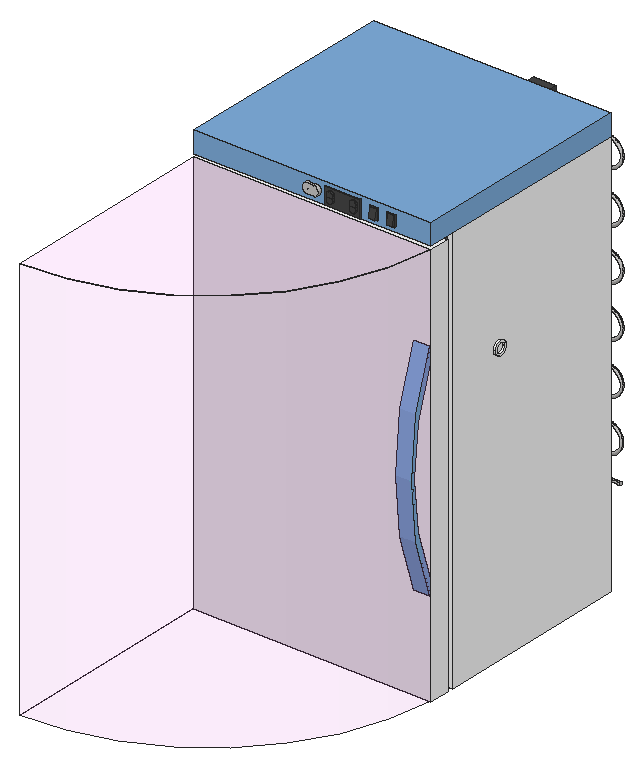
Revit family "QF_Summit_ARS3PV_Pharma_Vac_All_Refrigerator", category Specialty Equipment, Revit 2020
Family settings
  Round Connector Dimension = Use Diameter
  Part Type = Normal
  Work Plane-Based = No
  Always vertical = Yes
  Cut with Voids When Loaded = No
  Shared = No
  Room Calculation Point = No
Parameters
  Weight in Pounds = 85
  Watts = if(Phase = 3, Volts * FL Amps * 1.73, Volts * FL Amps)  # 69 W
  Volts = 115 V
  Ventilation Remarks = ""
  URL Cutsheet = ""
  Specification by User = ""
  Specification by Manufacturer = ""
  Show RHD [instance] = yes
  Show LHD [instance] = not(Show RHD)  # no
  Show Clearance [instance] = yes
  Serial Number = ""
  Seismic Rating = ""
  SMACNA No = ""
  Revision Code = ""
  Refrigerant Volume = 0.00 kip
  Refrigerant Type = "R600a"
  Phase = 1
  Number of Poles = 1
  NAFEM Spec ID Number = ""
  Model = "ARS3PV"
  Min Ckt Ampacity = 0 A
  Max Overcurrent Protection = 0 A
  Masterspec = ""
  Manufacturer = "Summit"
  Length = 18 1/2"
  Item Number = ""
  Installed By = ""
  Identify Quantity as Lot = yes
  Height = 34"
  HP = ""
  Furnished By = ""
  Foodservice Equipment Identifier = yes
  FL Amps = 0.6 A
  Electrical Remarks = ""
  Electric Connection Type = ""
  Elec Conn RI Height = 0"
  Elec Conn Connection Height = 0"
  Description = "Pharma-Vac All-Refrigerator"
  Depth = 19"
  Default Elevation = 0"
  Cycle = 60 Hz
  Conn Plug = ""
  Conn Conduit = yes
  CSI MasterFormat = ""
  Base Height [instance] = 1/2"
  BTUH = 0.0 Btu/h
  Apparent Power = if(Phase = 3, Volts * FL Amps * 1.73, Volts * FL Amps)  # 69 VA
Reference planes (in)
  plane 1 "BACK": y = 0
  plane 2: z = 0
  plane 3 "LEFT": x = 0
  plane 4 "RIGHT": x = 18.5
  plane 5 "FRONT": y = -19
  plane 6 "TOP": z = 34
  plane 7 "Center Y": x = 9.25
  plane 8 "Center X": y = -9.5
  plane 9 "Base Height": z = 0.5
  plane 10: y = -36
  plane 11: z = 32.125
  plane 12: y = -1.5
  plane 13: y = -16.875
  plane 14: y = -20.75
  plane 15: z = 30.99931
  plane 16: z = 18.99931
  plane 17: z = 6.99931
Forms (in)
  Extrusion 1, solid, material "QF_Plastic_White_Smooth"
    sketch origin (0, 0, 0.5) x (-1, 0, 0) y (0, -1, 0)
      loop
        line (0, 1.5) -> (0, 16.875) -> (-18.5, 16.875) -> (-18.5, 1.5) -> (0, 1.5)
    from 0 to 31.875
  Extrusion 2, solid, material "QF_Plastic_Light_Blue_Smooth"
    sketch origin (0, 0, 32.375) x (-1, 0, 0) y (0, -1, 0)
      loop
        line (0, 1.5) -> (0, 19) -> (-18.5, 19) -> (-18.5, 1.5) -> (0, 1.5)
    from 0 to 1.625
  Extrusion 3, solid, material "QF_Rubber - Black - Smooth"
    sketch origin (18.5, -16.875, 0.5) x (-1, 0, 0) y (0, 0, -1)
      loop
        line (0.5, -31.375) -> (18, -31.375) -> (18, -0.5) -> (0.5, -0.5) -> (0.5, -31.375)
    from 0 to 0.5
  Extrusion 4, solid, material "QF_Plastic_White_Smooth"
    sketch origin (18.5, -17.375, 0.5) x (-1, 0, 0) y (0, 0, -1)
      loop
        line (0, -31.625) -> (18.5, -31.625) -> (18.5, 0) -> (0, 0) -> (0, -31.625)
    from 0 to 1.625
  Extrusion 5, solid, material "QF_Rubber - Black - Smooth"
    sketch origin (0, -1.5, 0.5) x (1, 0, 0) y (0, 0, -1)
      loop
        circle (15.97103, -0.45918) r 0.25
    from 0 to 0.0625
  Revolve 6, solid, material "QF_Rubber - Black - Smooth"
    sketch origin (0, -3, 0) x (1, 0, 0) y (0, 0, 1)
      loop
        line (17, 0.5) -> (16.71875, 0.5) -> (16.71875, 0.375) -> (16.25, 0.375) -> (16.25, 0) -> (17, 0) -> (17, 0.5)
      axis (17, 0) -> (17, 0.5)
    angle from 0 to 360
  Revolve 7, solid, material "QF_Rubber - Black - Smooth"
    sketch origin (-14.5, -3, 0) x (1, 0, 0) y (0, 0, 1)
      loop
        line (16, 0.5) -> (15.71875, 0.5) -> (15.71875, 0.375) -> (15.25, 0.375) -> (15.25, 0) -> (16, 0) -> (16, 0.5)
      axis (16, 0) -> (16, 0.5)
    angle from 0 to 360
  Revolve 8, solid, material "QF_Rubber - Black - Smooth"
    sketch origin (0, -15.375, 0) x (1, 0, 0) y (0, 0, 1)
      loop
        line (17, 0.5) -> (16.71875, 0.5) -> (16.71875, 0.375) -> (16.25, 0.375) -> (16.25, 0) -> (17, 0) -> (17, 0.5)
      axis (17, 0) -> (17, 0.5)
    angle from 0 to 360
  Revolve 9, solid, material "QF_Rubber - Black - Smooth"
    sketch origin (-14.5, -15.375, 0) x (1, 0, 0) y (0, 0, 1)
      loop
        line (16, 0.5) -> (15.71875, 0.5) -> (15.71875, 0.375) -> (15.25, 0.375) -> (15.25, 0) -> (16, 0) -> (16, 0.5)
      axis (16, 0) -> (16, 0.5)
    angle from 0 to 360
  Extrusion 10, solid, material "QF_Metal_Black"
    sketch origin (18.5, -19, 32.375) x (-1, 0, 0) y (0, 0, -1)
      loop
        line (8.25, -1.375) -> (8.25, 0) -> (5.5, 0) -> (5.5, -1.375) -> (8.25, -1.375)
      loop
        line (4.75, -1.25) -> (4.75, -0.375) -> (4.125, -0.375) -> (4.125, -1.25) -> (4.75, -1.25)
      loop
        line (3.375, -0.375) -> (2.75, -0.375) -> (2.75, -1.25) -> (3.375, -1.25) -> (3.375, -0.375)
    from 0 to 0.0625
  Extrusion 11, solid, material "QF_Metal_Black"
    sketch origin (18.5, -19.0625, 32.375) x (-1, 0, 0) y (0, 0, -1)
      loop
        line (7.52932, -0.75134) -> (7.52932, -0.92236)
        arc (7.52932, -0.92236) -> (7.77932, -1.17236) -> (8.02932, -0.92236) r 0.25
        line (8.02932, -0.92236) -> (8.02932, -0.75134) -> (7.52932, -0.75134)
      loop
        line (6.22068, -0.75134) -> (5.72068, -0.75134) -> (5.72068, -0.92236)
        arc (5.72068, -0.92236) -> (5.97068, -1.17236) -> (6.22068, -0.92236) r 0.25
        line (6.22068, -0.92236) -> (6.22068, -0.75134)
    from 0 to 0.125
  Extrusion 12, solid, material "QF_Metal_Black"
    sketch origin (18.5, -19.0625, 32.375) x (-1, 0, 0) y (0, 0, -1)
      loop
        line (8.02932, -0.72188) -> (8.02932, -0.55086)
        arc (8.02932, -0.55086) -> (7.77932, -0.30086) -> (7.52932, -0.55086) r 0.25
        line (7.52932, -0.55086) -> (7.52932, -0.72188) -> (8.02932, -0.72188)
      loop
        line (6.22068, -0.72188) -> (6.22068, -0.55086)
        arc (6.22068, -0.55086) -> (5.97068, -0.30086) -> (5.72068, -0.55086) r 0.25
        line (5.72068, -0.55086) -> (5.72068, -0.72188) -> (6.22068, -0.72188)
    from 0 to 0.125
  Extrusion 13, solid, material "QF_Metal_Black"
    sketch origin (14.375, -19, 33.625) x (0, 0, -1) y (0, 1, 0)
      loop
        line (0.0625, -0.0625) -> (0.0625, -0.09634) -> (0.8125, -0.21513) -> (0.8125, -0.0625) -> (0.0625, -0.0625)
    from -0.5625 to -0.0625
  Extrusion 14, solid, material "QF_Metal_Black"
    sketch origin (15.75, -19, 33.625) x (0, 0, -1) y (0, 1, 0)
      loop
        line (0.0625, -0.09634) -> (0.8125, -0.21513) -> (0.8125, -0.0625) -> (0.0625, -0.0625) -> (0.0625, -0.09634)
    from -0.5625 to -0.0625
  Extrusion 15, solid, material "QF_Metal - Stainless - Polished"
    sketch origin (18.5, -19, 32.375) x (-1, 0, 0) y (0, 0, -1)
      loop
        arc (8.96647, -0.46354) -> (8.59147, -0.83854) -> (8.96647, -1.21354) r 0.375
        line (8.96647, -1.21354) -> (9.46647, -1.21354)
        arc (9.46647, -1.21354) -> (9.84147, -0.83854) -> (9.46647, -0.46354) r 0.375
        line (9.46647, -0.46354) -> (8.96647, -0.46354)
      loop
        line (9.4034, -0.85322) -> (9.4034, -0.81436) -> (9.03054, -0.81436) -> (9.03054, -0.85322) -> (9.4034, -0.85322)
    from 0 to 0.25
  Extrusion 16, solid, material "QF_Plastic_Light_Blue_Smooth", visible <- "Show LHD"
    sketch origin (0, -16.75, 32.375) x (0, 0, -1) y (0, -1, 0)
      loop
        line (7, 2.25) -> (8.25, 2.25)
        arc (8.25, 2.25) -> (15.75, 3.73618) -> (23.25, 2.25) r 19.66746
        line (23.25, 2.25) -> (24.5, 2.25)
        arc (24.5, 2.25) -> (15.75, 4.00003) -> (7, 2.25) r 22.74968
    from -0.125 to -1.375
  Extrusion 17, solid, material "QF_Metal_Stainless_Polished"
    sketch origin (-1.2283, -1.5, 0.25) x (1, 0, 0) y (0, 0, -1)
      loop
        circle (17.91073, -30.74931) r 0.25
      loop
        circle (3.11294, -30.74931) r 0.25
      loop
        circle (17.91073, -18.74931) r 0.25
      loop
        circle (3.11294, -18.74931) r 0.25
      loop
        circle (17.91073, -6.74931) r 0.25
      loop
        circle (3.11294, -6.74931) r 0.25
    from 0 to 1.50374
  Sweep 18, solid, material "QF_Metal_Stainless_Polished"
    path origin (-0.125, 0, 0) x (1, 0, 0) y (0, 0, 1)
      loop
        line (0.32085, 31.26475) -> (17.32085, 31.26475)
        arc (17.32085, 31.26475) -> (18.32085, 30.26475) -> (17.32085, 29.26475) r 1
        line (17.32085, 29.26475) -> (1.3368, 29.26475)
        arc (1.3368, 29.26475) -> (0.3368, 28.26475) -> (1.3368, 27.26475) r 1
        line (1.3368, 27.26475) -> (17.32048, 27.26475)
        arc (17.32048, 27.26475) -> (18.32048, 26.26475) -> (17.32048, 25.26475) r 1
        line (17.32048, 25.26475) -> (1.33704, 25.26475)
        arc (1.33704, 25.26475) -> (0.33704, 24.26475) -> (1.33704, 23.26475) r 1
        line (1.33704, 23.26475) -> (17.32129, 23.26475)
        arc (17.32129, 23.26475) -> (18.32129, 22.26475) -> (17.32129, 21.26475) r 1
        line (17.32129, 21.26475) -> (1.33589, 21.26475)
        arc (1.33589, 21.26475) -> (0.33589, 20.26475) -> (1.33589, 19.26475) r 1
        line (1.33589, 19.26475) -> (17.3102, 19.26475)
        arc (17.3102, 19.26475) -> (18.3102, 18.26475) -> (17.3102, 17.26475) r 1
        line (17.3102, 17.26475) -> (1.33204, 17.26475)
        arc (1.33204, 17.26475) -> (0.33204, 16.26475) -> (1.33204, 15.26475) r 1
        line (1.33204, 15.26475) -> (17.30417, 15.26475)
        arc (17.30417, 15.26475) -> (18.30417, 14.26475) -> (17.30417, 13.26475) r 1
        line (17.30417, 13.26475) -> (1.3323, 13.26475)
        arc (1.3323, 13.26475) -> (0.3323, 12.26475) -> (1.3323, 11.26475) r 1
        line (1.3323, 11.26475) -> (17.28684, 11.26475)
        arc (17.28684, 11.26475) -> (18.28684, 10.26475) -> (17.28684, 9.26475) r 1
        line (17.28684, 9.26475) -> (1.36686, 9.26475)
        arc (1.36686, 9.26475) -> (0.36686, 8.26475) -> (1.36686, 7.26475) r 1
        line (1.36686, 7.26475) -> (18.31994, 7.26475)
    profile origin (8.69585, 0, 31.26475) x (0, 0, 1) y (0, -1, 0)
      loop
        circle (0.09375, 0.09375) r 0.09375
  Extrusion 19, solid, material "QF_Plastic_White_Smooth"
    sketch origin (18.5, 0.30412, -7.19653) x (0, -1, 0) y (0, 0, -1)
      loop
        circle (12.80412, -29.69653) r 0.5
      loop
        circle (12.80412, -29.69653) r 0.40625
    from 0 to 0.25
  Extrusion 20, solid, material "QF_Metal_Black"
    sketch origin (0, -1.5, 32.375) x (1, 0, 0) y (0, 0, -1)
      loop
        line (13.46645, -1.375) -> (13.46645, -0.25) -> (11.71619, -0.25) -> (11.71619, -1.375) -> (13.46645, -1.375)
    from 0 to 0.96936
  Extrusion 21, solid, material "QF_Clearances_Door_Drawer", visible <- "Show LHD"
    sketch origin (0, 0, 0.5) x (-1, 0, 0) y (0, -1, 0)
      loop
        arc (0.00218, 19) -> (-5.92376, 31.11896) -> (-18.5, 35.99994) r 18.51464
        line (-18.5, 35.99994) -> (-18.5, 19) -> (0.00218, 19)
    from 0 to 31.625
  Extrusion 22, solid, material "QF_Plastic_Light_Blue_Smooth", visible <- "Show RHD"
    sketch origin (18.5, -16.75, 32.375) x (0, 0, -1) y (0, 1, 0)
      loop
        arc (7, -2.25) -> (15.75, -4.00003) -> (24.5, -2.25) r 22.74968
        line (24.5, -2.25) -> (23.25, -2.25)
        arc (23.25, -2.25) -> (15.75, -3.73618) -> (8.25, -2.25) r 19.66746
        line (8.25, -2.25) -> (7, -2.25)
    from -0.125 to -1.375
  Extrusion 23, solid, material "QF_Clearances_Door_Drawer", visible <- "Show RHD"
    sketch origin (18.5, 0, 0.5) x (1, 0, 0) y (0, 1, 0)
      loop
        line (0.00218, -19) -> (-18.5, -19) -> (-18.5, -35.99994)
        arc (-18.5, -35.99994) -> (-5.92376, -31.11896) -> (0.00218, -19) r 18.51464
    from 0 to 31.625
Lines and regions (in)
  Split face 1
    outline origin (17.87884, -19, 32.5166) x (-1, 0, 0) y (0, 0, -1)
      loop
        arc (17.02661, -0.72896) -> (17.00794, -0.73485) -> (16.99602, -0.75038) r 0.03255
        arc (16.99602, -0.75038) -> (16.97782, -0.77895) -> (16.94924, -0.79716) r 0.07828
        arc (16.94924, -0.79716) -> (16.91146, -0.80382) -> (16.87367, -0.79716) r 0.11047
        arc (16.87367, -0.79716) -> (16.83753, -0.74554) -> (16.87367, -0.69392) r 0.05493
        arc (16.87367, -0.69392) -> (16.92704, -0.67912) -> (16.98206, -0.67285) r 0.35291
        arc (16.98206, -0.67285) -> (17.04954, -0.65912) -> (17.10888, -0.62416) r 0.20863
        arc (17.10888, -0.62416) -> (17.13758, -0.53679) -> (17.10888, -0.44942) r 0.14738
        arc (17.10888, -0.44942) -> (17.06091, -0.41081) -> (17.00012, -0.40099) r 0.12037
        arc (17.00012, -0.40099) -> (16.9277, -0.40589) -> (16.86146, -0.43556) r 0.20635
        arc (16.86146, -0.43556) -> (16.84516, -0.4415) -> (16.82885, -0.43556) r 0.02536
        line (16.82885, -0.43556) -> (16.80233, -0.41331) -> (16.73922, -0.41331)
        arc (16.73922, -0.41331) -> (16.71948, -0.41599) -> (16.70473, -0.42939) r 0.03358
        line (16.70473, -0.42939) -> (16.7141, -0.496) -> (16.7141, -0.7709)
        arc (16.7141, -0.7709) -> (16.74026, -0.82899) -> (16.79414, -0.86298) r 0.11051
        arc (16.79414, -0.86298) -> (16.856, -0.87585) -> (16.91902, -0.88053) r 0.48335
        arc (16.91902, -0.88053) -> (16.96815, -0.87688) -> (17.01601, -0.86517) r 0.29737
        arc (17.01601, -0.86517) -> (17.05923, -0.84385) -> (17.09519, -0.81177) r 0.17873
        line (17.09519, -0.81177) -> (17.12001, -0.75602)
        arc (17.12001, -0.75602) -> (17.11848, -0.73759) -> (17.10213, -0.72896) r 0.01924
        line (17.10213, -0.72896) -> (17.02661, -0.72896)
  Split face 2
    outline origin (18.34773, -19, 32.25847) x (-1, 0, 0) y (0, 0, -1)
      loop
        arc (17.34236, -0.87416) -> (17.40571, -0.86077) -> (17.46654, -0.83856) r 0.45683
        arc (17.46654, -0.83856) -> (17.48186, -0.79626) -> (17.46654, -0.75396) r 0.06604
        arc (17.46654, -0.75396) -> (17.40416, -0.73587) -> (17.34178, -0.75396) r 0.11662
        arc (17.34178, -0.75396) -> (17.31029, -0.7904) -> (17.30428, -0.83817) r 0.08315
        arc (17.30428, -0.83817) -> (17.31481, -0.86358) -> (17.34021, -0.8741) r 0.03593
  Split face 3
    outline origin (17.84463, -19, 32.51068) x (-1, 0, 0) y (0, 0, -1)
      loop
        arc (16.15957, -0.71137) -> (16.152, -0.72738) -> (16.15263, -0.74508) r 0.03748
        arc (16.15263, -0.74508) -> (16.18205, -0.8045) -> (16.23106, -0.84917) r 0.17938
        arc (16.23106, -0.84917) -> (16.50096, -0.83431) -> (16.58067, -0.57603) r 0.23652
        arc (16.58067, -0.57603) -> (16.54728, -0.49133) -> (16.47702, -0.43343) r 0.18179
        arc (16.47702, -0.43343) -> (16.4007, -0.40499) -> (16.31925, -0.40562) r 0.22467
        arc (16.31925, -0.40562) -> (16.24928, -0.42338) -> (16.19378, -0.46955) r 0.16353
        arc (16.19378, -0.46955) -> (16.1667, -0.51165) -> (16.14694, -0.55764) r 0.30233
        arc (16.14694, -0.55764) -> (16.14694, -0.57738) -> (16.16404, -0.58726) r 0.01975
        line (16.16404, -0.58726) -> (16.23289, -0.58726)
        arc (16.23289, -0.58726) -> (16.25944, -0.57626) -> (16.27043, -0.54971) r 0.03754
        arc (16.27043, -0.54971) -> (16.35638, -0.49974) -> (16.44234, -0.54971) r 0.09891
        arc (16.44234, -0.54971) -> (16.4671, -0.63424) -> (16.45131, -0.72089) r 0.19105
        arc (16.45131, -0.72089) -> (16.41787, -0.76396) -> (16.36799, -0.78599) r 0.11135
        arc (16.36799, -0.78599) -> (16.31339, -0.77815) -> (16.2736, -0.73995) r 0.09008
        arc (16.2736, -0.73995) -> (16.26523, -0.71974) -> (16.24502, -0.71137) r 0.02858
        line (16.24502, -0.71137) -> (16.15957, -0.71137)
  Split face 4
    outline origin (18.35296, -19, 32.51423) x (-1, 0, 0) y (0, 0, -1)
      loop
        arc (16.04701, -0.86804) -> (16.06624, -0.85813) -> (16.06932, -0.83671) r 0.02361
        line (16.06932, -0.83671) -> (16.06932, -0.61216)
        arc (16.06932, -0.61216) -> (16.06487, -0.52087) -> (16.02308, -0.4396) r 0.216
        arc (16.02308, -0.4396) -> (15.90905, -0.3991) -> (15.79501, -0.4396) r 0.18078
        arc (15.79501, -0.4396) -> (15.77773, -0.45072) -> (15.76304, -0.43635) r 0.01649
        arc (15.76304, -0.43635) -> (15.75435, -0.41989) -> (15.73695, -0.41331) r 0.02629
        line (15.73695, -0.41331) -> (15.67488, -0.41331)
        arc (15.67488, -0.41331) -> (15.65271, -0.42249) -> (15.64353, -0.44466) r 0.03135
        line (15.64353, -0.44466) -> (15.64353, -0.83097)
        arc (15.64353, -0.83097) -> (15.64686, -0.85626) -> (15.66949, -0.86804) r 0.02762
        line (15.66949, -0.86804) -> (15.73776, -0.86804)
        arc (15.73776, -0.86804) -> (15.75953, -0.85903) -> (15.76854, -0.83726) r 0.03079
        line (15.76854, -0.83726) -> (15.76854, -0.58664)
        arc (15.76854, -0.58664) -> (15.85707, -0.49811) -> (15.9456, -0.58664) r 0.08853
        line (15.9456, -0.58664) -> (15.9456, -0.84144)
        arc (15.9456, -0.84144) -> (15.9534, -0.86025) -> (15.97221, -0.86804) r 0.0266
        line (15.97221, -0.86804) -> (16.04701, -0.86804)
  Split face 5
    outline origin (18.35007, -19, 32.51712) x (-1, 0, 0) y (0, 0, -1)
      loop
        arc (15.12884, -0.71137) -> (15.12126, -0.72738) -> (15.12189, -0.74508) r 0.03748
        arc (15.12189, -0.74508) -> (15.15132, -0.8045) -> (15.20032, -0.84917) r 0.17938
        arc (15.20032, -0.84917) -> (15.47022, -0.83431) -> (15.54993, -0.57603) r 0.23652
        arc (15.54993, -0.57603) -> (15.51655, -0.49133) -> (15.44628, -0.43343) r 0.18179
        arc (15.44628, -0.43343) -> (15.36996, -0.40499) -> (15.28851, -0.40562) r 0.22467
        arc (15.28851, -0.40562) -> (15.21855, -0.42338) -> (15.16305, -0.46955) r 0.16353
        arc (15.16305, -0.46955) -> (15.13597, -0.51165) -> (15.11621, -0.55764) r 0.30233
        arc (15.11621, -0.55764) -> (15.11621, -0.57738) -> (15.13331, -0.58726) r 0.01975
        line (15.13331, -0.58726) -> (15.20215, -0.58726)
        arc (15.20215, -0.58726) -> (15.2287, -0.57626) -> (15.2397, -0.54971) r 0.03754
        arc (15.2397, -0.54971) -> (15.32565, -0.49974) -> (15.4116, -0.54971) r 0.09891
        arc (15.4116, -0.54971) -> (15.43636, -0.63424) -> (15.42057, -0.72089) r 0.19105
        arc (15.42057, -0.72089) -> (15.38713, -0.76396) -> (15.33726, -0.78599) r 0.11135
        arc (15.33726, -0.78599) -> (15.28266, -0.77815) -> (15.24287, -0.73995) r 0.09008
        arc (15.24287, -0.73995) -> (15.2345, -0.71974) -> (15.21429, -0.71137) r 0.02858
        line (15.21429, -0.71137) -> (15.12884, -0.71137)
  Split face 6
    outline origin (18.35199, -19, 32.25824) x (-1, 0, 0) y (0, 0, -1)
      loop
        circle (14.82695, -0.89848) r 0.26828
  Split face 7
    outline origin (17.88494, -19, 32.26763) x (-1, 0, 0) y (0, 0, -1)
      loop
        arc (14.03804, -1.29185) -> (14.06109, -1.2823) -> (14.07064, -1.25925) r 0.0326
        line (14.07064, -1.25925) -> (14.07064, -0.70273)
        arc (14.07064, -0.70273) -> (14.07064, -0.67645) -> (14.04788, -0.66331) r 0.02628
        line (14.04788, -0.66331) -> (13.97739, -0.66331)
        arc (13.97739, -0.66331) -> (13.95772, -0.67145) -> (13.94958, -0.69111) r 0.02781
        line (13.94958, -0.69111) -> (13.94958, -1.2599)
        arc (13.94958, -1.2599) -> (13.95894, -1.28249) -> (13.98153, -1.29185) r 0.03195
        line (13.98153, -1.29185) -> (14.03804, -1.29185)
  Split face 8
    outline origin (18.3538, -19, 32.51435) x (-1, 0, 0) y (0, 0, -1)
      loop
        arc (13.98937, -1.04185) -> (14.0067, -1.03247) -> (14.01361, -1.01402) r 0.0281
        line (14.01361, -1.01402) -> (14.01361, -0.8483)
        arc (14.01361, -0.8483) -> (14.02305, -0.83449) -> (14.03935, -0.83826) r 0.01483
        arc (14.03935, -0.83826) -> (14.14479, -0.88843) -> (14.25557, -0.85155) r 0.15633
        arc (14.25557, -0.85155) -> (14.35238, -0.64232) -> (14.25557, -0.43309) r 0.2745
        arc (14.25557, -0.43309) -> (14.15017, -0.4002) -> (14.04477, -0.43309) r 0.1853
        arc (14.04477, -0.43309) -> (14.0285, -0.44514) -> (14.00908, -0.43939) r 0.02268
        arc (14.00908, -0.43939) -> (14.00422, -0.42124) -> (13.9872, -0.41331) r 0.02222
        line (13.9872, -0.41331) -> (13.92612, -0.41331)
        arc (13.92612, -0.41331) -> (13.89825, -0.42485) -> (13.8867, -0.45273) r 0.03942
        line (13.8867, -0.45273) -> (13.8867, -1.0099)
        arc (13.8867, -1.0099) -> (13.89606, -1.03249) -> (13.91865, -1.04185) r 0.03195
        line (13.91865, -1.04185) -> (13.98937, -1.04185)
  Split face 9
    outline origin (18.3585, -19, 32.51068) x (-1, 0, 0) y (0, 0, -1)
      loop
        arc (16.15957, -0.71137) -> (16.152, -0.72738) -> (16.15263, -0.74508) r 0.03748
        arc (16.15263, -0.74508) -> (16.18205, -0.8045) -> (16.23106, -0.84917) r 0.17938
        arc (16.23106, -0.84917) -> (16.50096, -0.83431) -> (16.58067, -0.57603) r 0.23652
        arc (16.58067, -0.57603) -> (16.54728, -0.49133) -> (16.47702, -0.43343) r 0.18179
        arc (16.47702, -0.43343) -> (16.4007, -0.40499) -> (16.31925, -0.40562) r 0.22467
        arc (16.31925, -0.40562) -> (16.24928, -0.42338) -> (16.19378, -0.46955) r 0.16353
        arc (16.19378, -0.46955) -> (16.1667, -0.51165) -> (16.14694, -0.55764) r 0.30233
        arc (16.14694, -0.55764) -> (16.14694, -0.57738) -> (16.16404, -0.58726) r 0.01975
        line (16.16404, -0.58726) -> (16.23289, -0.58726)
        arc (16.23289, -0.58726) -> (16.25944, -0.57626) -> (16.27043, -0.54971) r 0.03754
        arc (16.27043, -0.54971) -> (16.35638, -0.49974) -> (16.44234, -0.54971) r 0.09891
        arc (16.44234, -0.54971) -> (16.4671, -0.63424) -> (16.45131, -0.72089) r 0.19105
        arc (16.45131, -0.72089) -> (16.41787, -0.76396) -> (16.36799, -0.78599) r 0.11135
        arc (16.36799, -0.78599) -> (16.31339, -0.77815) -> (16.2736, -0.73995) r 0.09008
        arc (16.2736, -0.73995) -> (16.26523, -0.71974) -> (16.24502, -0.71137) r 0.02858
        line (16.24502, -0.71137) -> (16.15957, -0.71137)
  Split face 10
    outline origin (18.5, -19, 32.375) x (-1, 0, 0) y (0, 0, -1)
      loop
        line (14.9725, -0.86085) -> (15.04039, -0.8974) -> (15.04027, -0.8259) -> (15.10467, -0.78599) -> (15.03931, -0.74829) -> (15.03931, -0.67286) -> (14.97458, -0.71442) -> (14.90967, -0.67487) -> (14.90967, -0.74721) -> (14.84415, -0.78503) -> (14.90967, -0.82557) -> (14.90967, -0.8992) -> (14.9725, -0.86085)
  Split face 11
    outline origin (18.5, -19.25, 32.375) x (-1, 0, 0) y (0, 0, -1)
      loop
        circle (9.21647, -0.83854) r 0.18692
  Split face 12
    outline origin (18.5, -19, 32.375) x (-1, 0, 0) y (0, 0, -1)
      loop
        spline (14.29823, -0.91237) -> (14.32407, -0.908) -> (14.34816, -0.89517) -> (14.36885, -0.87477) -> (14.38472, -0.84818) -> (14.3947, -0.81722) -> (14.3981, -0.78399) -> (14.3947, -0.75076) -> (14.38472, -0.7198) -> (14.36885, -0.69321) -> (14.34816, -0.67281) -> (14.32407, -0.65998) -> (14.29823, -0.65561)
        spline (14.29823, -0.65561) -> (14.27238, -0.65998) -> (14.24829, -0.67281) -> (14.2276, -0.69321) -> (14.21173, -0.7198) -> (14.20175, -0.75076) -> (14.19835, -0.78399) -> (14.20175, -0.81722) -> (14.21173, -0.84818) -> (14.2276, -0.87477) -> (14.24829, -0.89517) -> (14.27238, -0.908) -> (14.29823, -0.91237)
  symbolic lines
    curve 1: line (0, -1.5, 0.5) -> (18.5, -1.5, 0.5)
    curve 2: line (0, -19, 0.5) -> (0, -1.5, 0.5)
    curve 3: line (18.5, -19, 0.5) -> (0, -19, 0.5)
    curve 4: line (18.5, -1.5, 0.5) -> (18.5, -19, 0.5)
    curve 5: line (11.71619, -0.53064, 0.5) -> (11.71619, -1.5, 0.5)
    curve 6: line (13.46645, -0.53064, 0.5) -> (11.71619, -0.53064, 0.5)
    curve 7: line (13.46645, -1.5, 0.5) -> (13.46645, -0.53064, 0.5)
    curve 8: line (1.63057, -1.5, 0.5) -> (1.63057, -0.1875, 0.5)
    curve 9: line (2.13057, -1.5, 0.5) -> (2.13057, -0.1875, 0.5)
    curve 10: line (0.28891, -0.1875, 0.5) -> (18.28994, -0.1875, 0.5)
    curve 11: line (18.28994, 0, 0.5) -> (0.28891, 0, 0.5)
    curve 12: arc (0.28891, 0, 0.5) -> (0.19516, -0.09375, 0.5) -> (0.28891, -0.1875, 0.5) r 0.09375
    curve 13: arc (18.28994, -0.1875, 0.5) -> (18.38369, -0.09375, 0.5) -> (18.28994, 0, 0.5) r 0.09375
    curve 14: line (16.43242, -0.1875, 0.5) -> (16.43242, -1.5, 0.5)
    curve 15: line (16.93242, -0.1875, 0.5) -> (16.93242, -1.5, 0.5)
    curve 16: line (18.75, -12, 0.5) -> (18.75, -13, 0.5)
    curve 17: line (18.75, -13, 0.5) -> (18.5, -13, 0.5)
    curve 18: line (18.75, -12, 0.5) -> (18.5, -12, 0.5)
    curve 22: line (8.65697, -19, 0.5) -> (8.65697, -19.25, 0.5)
    curve 23: line (8.65697, -19.25, 0.5) -> (9.90853, -19.25, 0.5)
    curve 24: line (9.90853, -19.25, 0.5) -> (9.90853, -19, 0.5)
    curve 25: line (10.25, -19, 0.5) -> (10.25, -19.0625, 0.5)
    curve 26: line (10.25, -19.0625, 0.5) -> (13, -19.0625, 0.5)
    curve 27: line (13, -19.0625, 0.5) -> (13, -19, 0.5)
    curve 28: line (13.75, -19, 0.5) -> (13.75, -19.0625, 0.5)
    curve 29: line (13.75, -19.0625, 0.5) -> (14.375, -19.0625, 0.5)
    curve 30: line (14.375, -19.0625, 0.5) -> (14.375, -19, 0.5)
    curve 31: line (15.125, -19, 0.5) -> (15.125, -19.0625, 0.5)
    curve 32: line (15.125, -19.0625, 0.5) -> (15.75, -19.0625, 0.5)
    curve 33: line (15.75, -19.0625, 0.5) -> (15.75, -19, 0.5)
  symbolic lines, visible <- "Show LHD"
    curve 19: line (0.125, -19, 0.5) -> (0.125, -20.75, 0.5)
    curve 20: line (0.125, -20.75, 0.5) -> (1.375, -20.75, 0.5)
    curve 21: line (1.375, -20.75, 0.5) -> (1.375, -19, 0.5)
  symbolic lines, style "QF_Clearances_Door_Drawer", visible <- "Show LHD"
    curve 34: arc (-0.00218, -19, 0.5) -> (0.9887, -23.64009, 0.5) -> (3.12634, -27.87598, 0.5) r 18.51464
    curve 35: line (18.5, -19, 0.5) -> (3.12634, -27.87598, 0.5)
  symbolic lines, visible <- "Show RHD"
    curve 36: line (18.375, -19, 0.5) -> (18.375, -20.75, 0.5)
    curve 37: line (18.375, -20.75, 0.5) -> (17.125, -20.75, 0.5)
    curve 38: line (17.125, -20.75, 0.5) -> (17.125, -19, 0.5)
  symbolic lines, style "QF_Clearances_Door_Drawer", visible <- "Show RHD"
    curve 39: arc (18.50218, -19, 0.5) -> (17.5113, -23.64009, 0.5) -> (15.37366, -27.87598, 0.5) r 18.51464
    curve 40: line (0, -19, 0.5) -> (15.37366, -27.87598, 0.5)
Dimensions and locks (in)
  equal spacing: plane 3 "LEFT", plane 7 "Center Y", plane 4 "RIGHT"
  "Length": plane 3 "LEFT" to plane 4 "RIGHT"
  equal spacing: plane 5 "FRONT", plane 8 "Center X", plane 1 "BACK"
  "Depth": plane 5 "FRONT" to plane 1 "BACK"
  "Height": plane 6 "TOP" to level
  "Base Height": plane 9 "Base Height" to level
  plane 10 to plane 1 "BACK" = 36"
  plane 12 to plane 1 "BACK" = 1 1/2"
  plane 12 to plane 13 = 15 3/8"
  plane 14 to plane 5 "FRONT" = 1 3/4"
  plane 6 "TOP" to plane 11 = 1 7/8"
  plane 16 to plane 15 = 12"
  plane 17 to plane 16 = 12"
  aligned and locked: level to plane 2
Automatic sketch dimensions
  plane 5 "FRONT" to curve 39 = 0"
  curve 18 to plane 4 "RIGHT" = 0"
  plane 14 to curve 36 = 0"
  plane 5 "FRONT" to curve 36 = 0"
  plane 1 "BACK" to curve 13 = 0"
  curve 15 to plane 12 = 0"
  curve 21 to plane 14 = 0"
  curve 3 to plane 3 "LEFT" = 0"
  plane 5 "FRONT" to curve 34 = 0"
  curve 16 to curve 18 = 1/4"
  plane 4 "RIGHT" to curve 34 = 0.04959"
  plane 4 "RIGHT" to curve 36 = 1/8"
  plane 4 "RIGHT" to curve 10 = 0.21006"
  curve 36 to curve 38 = 1 1/4"
  plane 5 "FRONT" to curve 32 = 1/16"
  curve 38 to curve 32 = 1 3/8"
  plane 4 "RIGHT" to curve 40 = 3.12634"
  curve 32 to curve 31 = 5/8"
  plane 5 "FRONT" to curve 29 = 1/16"
  curve 31 to curve 29 = 3/4"
  curve 29 to curve 28 = 5/8"
  plane 1 "BACK" to curve 7 = 0.53064"
  plane 7 "Center Y" to curve 7 = 4.21645"
  plane 5 "FRONT" to curve 27 = 1/16"
  curve 28 to curve 27 = 3/4"
  curve 6 to curve 5 = 1.75026"
  plane 7 "Center Y" to curve 26 = 1"
  curve 25 to curve 24 = 0.34147"
  plane 5 "FRONT" to curve 23 = 1/4"
  curve 23 to plane 7 "Center Y" = 0.59303"
  plane 3 "LEFT" to curve 35 = 3.12634"
  plane 3 "LEFT" to curve 21 = 1 3/8"
  plane 3 "LEFT" to curve 11 = 0.28891"
  plane 3 "LEFT" to curve 19 = 1/8"
  plane 3 "LEFT" to curve 39 = 0.04959"
  curve 11 to curve 13 = 3/32"
  curve 16 to plane 8 "Center X" = 2 1/2"
  curve 16 to curve 17 = 1"
  curve 34 to plane 13 = 0.61036"
  curve 39 to plane 13 = 0.61036"
  curve 40 to plane 14 = 7.12598"
  curve 35 to plane 14 = 7.12598"
  plane 4 "RIGHT" to curve 15 = 1.56758"
  curve 15 to curve 14 = 1/2"
  curve 9 to curve 10 = 1.84166"
  curve 9 to curve 8 = 1/2"
  Extrusion 1 sketch curve to plane 4 "RIGHT" = 0"
  Extrusion 1 sketch curve to plane 3 "LEFT" = 0"
  Extrusion 1 sketch curve to plane 12 = 0"
  Extrusion 1 sketch curve to plane 13 = 0"
  Extrusion 2 sketch curve to Extrusion 1 = 0"  (x3)
  Extrusion 1 to Extrusion 2 sketch curve = 2 1/8"
  Extrusion 3 sketch curve to Extrusion 1 = 1/2"
  Extrusion 1 to Extrusion 3 sketch curve = 1/2"  (x3)
  Extrusion 3 to Extrusion 4 sketch curve = 1/2"  (x3)
  Extrusion 3 to Extrusion 4 sketch curve = 1/4"
  Extrusion 1 to Extrusion 5 sketch curve = 0.45918"
  Extrusion 5 sketch curve to Extrusion 1 = 2.52897"
  Revolve 6 sketch curve to level = 0"
  Revolve 6 sketch curve to plane 9 "Base Height" = 0"  (x2)
  Revolve 6 sketch curve to plane 9 "Base Height" = 1/8"
  plane 4 "RIGHT" to Revolve 6 sketch curve = 2 1/4"
  Revolve 6 sketch curve to Revolve 6 sketch curve = 15/32"
  Revolve 6 sketch curve to Revolve 6 sketch curve = 9/32"
  Revolve 6 sketch curve to Revolve 6 sketch curve = 0"
  plane 9 "Base Height" to Revolve 6 sketch curve = 0.28839"
  Revolve 7 sketch curve to level = 0"
  Revolve 7 sketch curve to plane 9 "Base Height" = 0"  (x2)
  Revolve 7 sketch curve to plane 9 "Base Height" = 1/8"
  plane 3 "LEFT" to Revolve 7 sketch curve = 3/4"
  Revolve 7 sketch curve to Revolve 7 sketch curve = 15/32"
  Revolve 7 sketch curve to Revolve 7 sketch curve = 9/32"
  Revolve 7 sketch curve to Revolve 7 sketch curve = 0"
  plane 9 "Base Height" to Revolve 7 sketch curve = 0.28839"
  Revolve 8 sketch curve to level = 0"
  Revolve 8 sketch curve to plane 9 "Base Height" = 0"  (x2)
  Revolve 8 sketch curve to plane 9 "Base Height" = 1/8"
  plane 4 "RIGHT" to Revolve 8 sketch curve = 2 1/4"
  Revolve 8 sketch curve to Revolve 8 sketch curve = 15/32"
  Revolve 8 sketch curve to Revolve 8 sketch curve = 9/32"
  Revolve 8 sketch curve to Revolve 8 sketch curve = 0"
  Revolve 8 sketch curve to Revolve 8 sketch curve = 0.28839"
  Revolve 9 sketch curve to level = 0"
  Revolve 9 sketch curve to plane 9 "Base Height" = 0"  (x2)
  Revolve 9 sketch curve to plane 9 "Base Height" = 1/8"
  plane 3 "LEFT" to Revolve 9 sketch curve = 3/4"
  Revolve 9 sketch curve to Revolve 9 sketch curve = 15/32"
  Revolve 9 sketch curve to Revolve 9 sketch curve = 9/32"
  Revolve 9 sketch curve to Revolve 9 sketch curve = 0"
  plane 9 "Base Height" to Revolve 9 sketch curve = 0.28839"
  Extrusion 10 sketch curve to Extrusion 2 = 0"
  Extrusion 2 to Extrusion 10 sketch curve = 3/8"  (x4)
  Extrusion 10 sketch curve to Extrusion 2 = 2 3/4"
  Extrusion 10 sketch curve to Extrusion 10 sketch curve = 5/8"  (x2)
  Extrusion 10 sketch curve to Extrusion 10 sketch curve = 3/4"  (x2)
  Extrusion 10 sketch curve to Extrusion 10 sketch curve = 2 3/4"
  Extrusion 2 to Extrusion 10 sketch curve = 1/4"
  Extrusion 11 sketch curve to Extrusion 10 = 0.22068"
  Extrusion 11 sketch curve to Extrusion 11 sketch curve = 1/4"  (x2)
  Extrusion 11 sketch curve to Extrusion 10 = 0.72068"
  Extrusion 11 sketch curve to Extrusion 10 = 0.32764"  (x2)
  Extrusion 11 sketch curve to Extrusion 11 sketch curve = 0.17103"  (x2)
  Extrusion 12 sketch curve to Extrusion 10 = 0.22068"
  Extrusion 12 sketch curve to Extrusion 10 = 0.17586"  (x2)
  Extrusion 12 sketch curve to Extrusion 12 sketch curve = 1/4"  (x2)
  Extrusion 12 sketch curve to Extrusion 10 = 0.34688"
  Extrusion 12 sketch curve to Extrusion 10 = 0.72068"
  Extrusion 12 sketch curve to Extrusion 12 sketch curve = 0.17103"
  Extrusion 13 sketch curve to Extrusion 10 = 0"
  Extrusion 13 sketch curve to Extrusion 10 = 1/16"
  Extrusion 10 to Extrusion 13 sketch curve = 1/16"
  Extrusion 13 sketch curve to Extrusion 10 = 0.03384"
  Extrusion 13 sketch curve to Extrusion 10 = 0.15263"
  Extrusion 14 sketch curve to Extrusion 10 = 0"
  Extrusion 14 sketch curve to Extrusion 10 = 1/16"
  Extrusion 10 to Extrusion 14 sketch curve = 1/16"
  Extrusion 14 sketch curve to Extrusion 10 = 0.03384"
  Extrusion 14 sketch curve to Extrusion 10 = 0.15263"
  Extrusion 2 to Extrusion 15 sketch curve = 0.78646"
  Extrusion 15 sketch curve to Extrusion 2 = 8.96647"
  Extrusion 15 sketch curve to Extrusion 15 sketch curve = 0.06407"
  Extrusion 15 sketch curve to Extrusion 15 sketch curve = 0.37286"
  Extrusion 15 sketch curve to Extrusion 15 sketch curve = 0.06308"
  Extrusion 15 sketch curve to Extrusion 15 sketch curve = 0.01468"
  Extrusion 15 sketch curve to Extrusion 15 sketch curve = 0.36032"
  Extrusion 15 sketch curve to Extrusion 15 sketch curve = 0.03886"
  Split face 1 sketch curve to Extrusion 2 = 1.17411"
  Split face 1 sketch curve to Split face 1 sketch curve = 0.00936"
  Split face 1 sketch curve to Split face 1 sketch curve = 0.02894"
  Split face 1 sketch curve to Split face 1 sketch curve = 0.00555"
  Split face 1 sketch curve to Split face 1 sketch curve = 0.06311"
  Split face 1 sketch curve to Split face 1 sketch curve = 0.10957"
  Split face 1 sketch curve to Split face 1 sketch curve = 0.02652"
  Split face 1 sketch curve to Split face 1 sketch curve = 0.0163"  (x2)
  Split face 1 sketch curve to Split face 1 sketch curve = 0.06879"
  Split face 1 sketch curve to Split face 1 sketch curve = 0.01899"
  Split face 1 sketch curve to Split face 1 sketch curve = 0.01018"
  Split face 1 sketch curve to Split face 1 sketch curve = 0.01101"
  Split face 1 sketch curve to Split face 1 sketch curve = 5/64"
  Split face 1 sketch curve to Split face 1 sketch curve = 0.03682"
  Split face 1 sketch curve to Split face 1 sketch curve = 0.0515"
  Split face 1 sketch curve to Split face 1 sketch curve = 0.05598"
  Split face 1 sketch curve to Split face 1 sketch curve = 0.01258"
  Split face 1 sketch curve to Split face 1 sketch curve = 0.10191"
  Split face 1 sketch curve to Split face 1 sketch curve = 0.02175"
  Split face 1 sketch curve to Split face 1 sketch curve = 0.06732"
  Split face 1 sketch curve to Split face 1 sketch curve = 0.06858"
  Split face 1 sketch curve to Split face 1 sketch curve = 0.07553"
  Split face 1 sketch curve to Split face 1 sketch curve = 0.0003"
  Split face 1 sketch curve to Split face 1 sketch curve = 0.01757"
  Split face 1 sketch curve to Extrusion 2 = 0.45786"
  Split face 1 sketch curve to Split face 1 sketch curve = 0.21378"
  Split face 1 sketch curve to Split face 1 sketch curve = 0.25464"
  Split face 1 sketch curve to Split face 1 sketch curve = 0.05026"
  Split face 1 sketch curve to Split face 1 sketch curve = 0.01442"
  Split face 1 sketch curve to Split face 1 sketch curve = 0.05575"
  Split face 1 sketch curve to Split face 1 sketch curve = 1/128"
  Split face 1 sketch curve to Split face 1 sketch curve = 0.01095"
  Split face 1 sketch curve to Split face 1 sketch curve = 0.02193"
  Split face 1 sketch curve to Split face 1 sketch curve = 0.02792"
  Split face 1 sketch curve to Split face 1 sketch curve = 0.03025"
  Split face 1 sketch curve to Split face 1 sketch curve = 0.08957"
  Split face 1 sketch curve to Split face 1 sketch curve = 0.02293"
  Split face 1 sketch curve to Split face 1 sketch curve = 0.06932"
  Split face 1 sketch curve to Split face 1 sketch curve = 0.01601"
  Split face 1 sketch curve to Split face 1 sketch curve = 0.08718"
  Split face 1 sketch curve to Split face 1 sketch curve = 0.05644"
  Split face 1 sketch curve to Split face 1 sketch curve = 0.04957"
  Split face 1 sketch curve to Split face 1 sketch curve = 0.01086"
  Split face 1 sketch curve to Split face 1 sketch curve = 0.01704"
  Split face 1 sketch curve to Split face 1 sketch curve = 0.01943"
  Split face 1 sketch curve to Split face 1 sketch curve = 0.01893"
  Split face 1 sketch curve to Split face 1 sketch curve = 0"  (x7)
  Split face 1 sketch curve to Split face 1 sketch curve = 0.03778"
  Split face 1 sketch curve to Split face 1 sketch curve = 0.02534"
  Split face 2 sketch curve to Extrusion 2 = 0.30511"
  Split face 2 sketch curve to Extrusion 2 = 1.06794"
  Split face 2 sketch curve to Split face 2 sketch curve = 0.06042"
  Split face 2 sketch curve to Split face 2 sketch curve = 0.04604"
  Split face 2 sketch curve to Split face 2 sketch curve = 0.0179"
  Split face 2 sketch curve to Split face 2 sketch curve = 0.02957"
  Split face 2 sketch curve to Split face 2 sketch curve = 0.37462"
  Split face 2 sketch curve to Split face 2 sketch curve = 0.02796"
  Split face 2 sketch curve to Split face 2 sketch curve = 0.01396"
  Split face 2 sketch curve to Split face 2 sketch curve = 0.02828"
  Split face 2 sketch curve to Split face 2 sketch curve = 0.03593"
  Split face 2 sketch curve to Split face 2 sketch curve = 0"
  Split face 2 sketch curve to Split face 2 sketch curve = 0.00215"
  Split face 2 sketch curve to Split face 2 sketch curve = 0.06238"
  Split face 2 sketch curve to Split face 2 sketch curve = 0.05071"
  Split face 3 sketch curve to Extrusion 2 = 0.77795"
  Split face 3 sketch curve to Extrusion 2 = 1.68505"
  Split face 3 sketch curve to Split face 3 sketch curve = 0.00447"
  Split face 3 sketch curve to Split face 3 sketch curve = 0.02913"
  Split face 3 sketch curve to Split face 3 sketch curve = 0.06885"
  Split face 3 sketch curve to Split face 3 sketch curve = 0.05632"
  Split face 3 sketch curve to Split face 3 sketch curve = 0.04342"
  Split face 3 sketch curve to Split face 3 sketch curve = 0.04721"
  Split face 3 sketch curve to Split face 3 sketch curve = 0.049"
  Split face 3 sketch curve to Split face 3 sketch curve = 0.02401"
  Split face 3 sketch curve to Split face 3 sketch curve = 0.00357"
  Split face 3 sketch curve to Split face 3 sketch curve = 0.00602"
  Split face 3 sketch curve to Split face 3 sketch curve = 0.03286"
  Split face 3 sketch curve to Split face 3 sketch curve = 0.00635"
  Split face 3 sketch curve to Split face 3 sketch curve = 0.04385"
  Split face 3 sketch curve to Split face 3 sketch curve = 0.03341"
  Split face 3 sketch curve to Split face 3 sketch curve = 0.02357"
  Split face 3 sketch curve to Split face 3 sketch curve = 0.02858"
  Split face 3 sketch curve to Split face 3 sketch curve = 0.04277"
  Split face 3 sketch curve to Split face 3 sketch curve = 0.00063"
  Split face 3 sketch curve to Split face 3 sketch curve = 0.02096"
  Split face 3 sketch curve to Split face 3 sketch curve = 0.02263"
  Split face 3 sketch curve to Split face 3 sketch curve = 0.02829"
  Split face 3 sketch curve to Split face 3 sketch curve = 0.05231"
  Split face 3 sketch curve to Split face 3 sketch curve = 0.02169"
  Split face 3 sketch curve to Split face 3 sketch curve = 0.02759"
  Split face 3 sketch curve to Split face 3 sketch curve = 0.00044"
  Split face 3 sketch curve to Split face 3 sketch curve = 0.05698"
  Split face 3 sketch curve to Split face 3 sketch curve = 0.02956"
  Split face 3 sketch curve to Split face 3 sketch curve = 0.01975"
  Split face 3 sketch curve to Split face 3 sketch curve = 0.03754"
  Split face 3 sketch curve to Split face 3 sketch curve = 0"  (x5)
  Split face 3 sketch curve to Split face 3 sketch curve = 0.0171"
  Split face 3 sketch curve to Split face 3 sketch curve = 0.12547"
  Split face 3 sketch curve to Split face 3 sketch curve = 0.03468"
  Split face 4 sketch curve to Extrusion 2 = 0.6548"
  Split face 4 sketch curve to Extrusion 2 = 2.70943"
  Split face 4 sketch curve to Split face 4 sketch curve = 0.02595"
  Split face 4 sketch curve to Split face 4 sketch curve = 0.03135"
  Split face 4 sketch curve to Split face 4 sketch curve = 0.06207"
  Split face 4 sketch curve to Split face 4 sketch curve = 0.06827"
  Split face 4 sketch curve to Split face 4 sketch curve = 0.03079"
  Split face 4 sketch curve to Split face 4 sketch curve = 0.04245"
  Split face 4 sketch curve to Split face 4 sketch curve = 0.08768"
  Split face 4 sketch curve to Split face 4 sketch curve = 0.00085"
  Split face 4 sketch curve to Split face 4 sketch curve = 0.03656"
  Split face 4 sketch curve to Split face 4 sketch curve = 0.0266"
  Split face 4 sketch curve to Split face 4 sketch curve = 0.0748"
  Split face 4 sketch curve to Split face 4 sketch curve = 0.02231"
  Split face 4 sketch curve to Split face 4 sketch curve = 0.00573"
  Split face 4 sketch curve to Split face 4 sketch curve = 0.00628"
  Split face 4 sketch curve to Split face 4 sketch curve = 0.00473"
  Split face 4 sketch curve to Split face 4 sketch curve = 0.22455"
  Split face 4 sketch curve to Split face 4 sketch curve = 0.02551"
  Split face 4 sketch curve to Split face 4 sketch curve = 0.00677"
  Split face 4 sketch curve to Split face 4 sketch curve = 0.00986"
  Split face 4 sketch curve to Split face 4 sketch curve = 0.14199"
  Split face 4 sketch curve to Split face 4 sketch curve = 0.02629"
  Split face 4 sketch curve to Split face 4 sketch curve = 0.00528"
  Split face 4 sketch curve to Split face 4 sketch curve = 0"
  Split face 4 sketch curve to Split face 4 sketch curve = 1/64"
  Split face 5 sketch curve to Extrusion 2 = 0.77151"
  Split face 5 sketch curve to Extrusion 2 = 3.22123"
  Split face 5 sketch curve to Split face 5 sketch curve = 0.00447"
  Split face 5 sketch curve to Split face 5 sketch curve = 0.02913"
  Split face 5 sketch curve to Split face 5 sketch curve = 0.06885"
  Split face 5 sketch curve to Split face 5 sketch curve = 0.05632"
  Split face 5 sketch curve to Split face 5 sketch curve = 0.04342"
  Split face 5 sketch curve to Split face 5 sketch curve = 0.04721"
  Split face 5 sketch curve to Split face 5 sketch curve = 0.049"
  Split face 5 sketch curve to Split face 5 sketch curve = 0.02401"
  Split face 5 sketch curve to Split face 5 sketch curve = 0.00357"
  Split face 5 sketch curve to Split face 5 sketch curve = 0.00602"
  Split face 5 sketch curve to Split face 5 sketch curve = 0.03286"
  Split face 5 sketch curve to Split face 5 sketch curve = 0.00635"
  Split face 5 sketch curve to Split face 5 sketch curve = 0.04385"
  Split face 5 sketch curve to Split face 5 sketch curve = 0.03341"
  Split face 5 sketch curve to Split face 5 sketch curve = 0.02357"
  Split face 5 sketch curve to Split face 5 sketch curve = 0.02858"
  Split face 5 sketch curve to Split face 5 sketch curve = 0.04277"
  Split face 5 sketch curve to Split face 5 sketch curve = 0.00063"
  Split face 5 sketch curve to Split face 5 sketch curve = 0.02096"
  Split face 5 sketch curve to Split face 5 sketch curve = 0.02263"
  Split face 5 sketch curve to Split face 5 sketch curve = 0.02829"
  Split face 5 sketch curve to Split face 5 sketch curve = 0.05231"
  Split face 5 sketch curve to Split face 5 sketch curve = 0.02169"
  Split face 5 sketch curve to Split face 5 sketch curve = 0.02759"
  Split face 5 sketch curve to Split face 5 sketch curve = 0.00044"
  Split face 5 sketch curve to Split face 5 sketch curve = 0.05698"
  Split face 5 sketch curve to Split face 5 sketch curve = 0.02956"
  Split face 5 sketch curve to Split face 5 sketch curve = 0.01975"
  Split face 5 sketch curve to Split face 5 sketch curve = 0.03754"
  Split face 5 sketch curve to Split face 5 sketch curve = 0"  (x5)
  Split face 5 sketch curve to Split face 5 sketch curve = 0.0171"
  Split face 5 sketch curve to Split face 5 sketch curve = 0.12547"
  Split face 5 sketch curve to Split face 5 sketch curve = 0.03468"
  Split face 6 sketch curve to Extrusion 2 = 0.78172"
  Split face 6 sketch curve to Extrusion 2 = 3.52504"
  Split face 7 sketch curve to Extrusion 2 = 0.58375"
  Split face 7 sketch curve to Extrusion 2 = 3.93536"
  Split face 7 sketch curve to Split face 7 sketch curve = 0.02781"
  Split face 7 sketch curve to Split face 7 sketch curve = 0.03195"
  Split face 7 sketch curve to Split face 7 sketch curve = 0.05651"
  Split face 7 sketch curve to Split face 7 sketch curve = 0.0705"
  Split face 7 sketch curve to Split face 7 sketch curve = 0.0326"
  Split face 7 sketch curve to Split face 7 sketch curve = 0.03942"
  Split face 7 sketch curve to Extrusion 2 = 0.47311"
  Split face 8 sketch curve to Extrusion 2 = 0.47576"
  Split face 8 sketch curve to Extrusion 2 = 4.4671"
  Split face 8 sketch curve to Split face 8 sketch curve = 0.03195"
  Split face 8 sketch curve to Split face 8 sketch curve = 0.03942"
  Split face 8 sketch curve to Split face 8 sketch curve = 0.06686"
  Split face 8 sketch curve to Split face 8 sketch curve = 0.06108"
  Split face 8 sketch curve to Split face 8 sketch curve = 0.00386"
  Split face 8 sketch curve to Split face 8 sketch curve = 0.0281"
  Split face 8 sketch curve to Split face 8 sketch curve = 0.03736"
  Split face 8 sketch curve to Split face 8 sketch curve = 0.01483"
  Split face 8 sketch curve to Split face 8 sketch curve = 0.04944"
  Split face 8 sketch curve to Split face 8 sketch curve = 0.07229"
  Split face 8 sketch curve to Split face 8 sketch curve = 0.07649"
  Split face 8 sketch curve to Split face 8 sketch curve = 0.16571"
  Split face 8 sketch curve to Split face 8 sketch curve = 0.11591"
  Split face 8 sketch curve to Split face 8 sketch curve = 0.09007"
  Split face 8 sketch curve to Split face 8 sketch curve = 0.05683"
  Split face 8 sketch curve to Split face 8 sketch curve = 0.18959"
  Split face 8 sketch curve to Split face 8 sketch curve = 0.02222"
  Split face 8 sketch curve to Split face 8 sketch curve = 0.0095"
  Split face 8 sketch curve to Split face 8 sketch curve = 0.02188"
  Split face 8 sketch curve to Split face 8 sketch curve = 0"
  Split face 8 sketch curve to Split face 8 sketch curve = 0.02021"
  Split face 8 sketch curve to Split face 8 sketch curve = 0.1054"
  Extrusion 16 sketch curve to Extrusion 4 = 0"  (x2)
  Extrusion 4 to Extrusion 16 sketch curve = 6 3/4"
  Extrusion 16 sketch curve to Extrusion 16 sketch curve = 1 1/4"
  Extrusion 4 to Extrusion 16 sketch curve = 15 1/2"
  Extrusion 16 sketch curve to Extrusion 16 sketch curve = 0"
  Extrusion 16 sketch curve to Extrusion 4 = 16.55628"
  Extrusion 16 sketch curve to Extrusion 16 sketch curve = 2.81837"
  Extrusion 17 sketch curve to Extrusion 1 = 1.88463"  (x3)
  Extrusion 17 sketch curve to Extrusion 1 = 1.81758"  (x3)
  Extrusion 1 to Extrusion 17 sketch curve = 1.37569"  (x2)
  Extrusion 17 sketch curve to Extrusion 17 sketch curve = 12"  (x2)
  Extrusion 1 to Extrusion 17 sketch curve = 6.49931"  (x2)
  plane 3 "LEFT" to Sweep 18 sketch curve = 1 53/256"
  plane 3 "LEFT" to Sweep 18 sketch curve = 1.2073"
  plane 3 "LEFT" to Sweep 18 sketch curve = 1.21089"
  plane 3 "LEFT" to Sweep 18 sketch curve = 1.2118"
  plane 3 "LEFT" to Sweep 18 sketch curve = 1.21204"
  plane 3 "LEFT" to Sweep 18 sketch curve = 1.24186"
  plane 4 "RIGHT" to Sweep 18 sketch curve = 1.33816"
  plane 4 "RIGHT" to Sweep 18 sketch curve = 1.32083"
  plane 4 "RIGHT" to Sweep 18 sketch curve = 1.3148"
  plane 4 "RIGHT" to Sweep 18 sketch curve = 1.30452"
  Sweep 18 sketch curve to plane 11 = 0.86025"
  plane 4 "RIGHT" to Sweep 18 sketch curve = 1.30415"
  plane 4 "RIGHT" to Sweep 18 sketch curve = 1.30371"
  Sweep 18 sketch curve to Sweep 18 sketch curve = 1"  (x12)
  plane 3 "LEFT" to Sweep 18 sketch curve = 0.19585"
  plane 4 "RIGHT" to Sweep 18 sketch curve = 0.30506"
  Sweep 18 sketch curve to profile plane = 3/32"
  plane 1 "BACK" to Sweep 18 sketch curve = 3/32"
  Extrusion 19 sketch curve to Extrusion 19 sketch curve = 0"  (x2)
  Extrusion 1 to Extrusion 19 sketch curve = 4 3/8"
  Extrusion 1 to Extrusion 19 sketch curve = 9 7/8"
  Extrusion 2 to Extrusion 20 sketch curve = 1/4"  (x2)
  Extrusion 20 sketch curve to Extrusion 2 = 6.78381"
  Extrusion 20 sketch curve to Extrusion 20 sketch curve = 1.75026"
  Extrusion 21 sketch curve to plane 4 "RIGHT" = 0"
  plane 5 "FRONT" to Extrusion 21 sketch curve = 0"
  plane 4 "RIGHT" to Extrusion 21 sketch curve = 0.04959"
  Extrusion 21 sketch curve to plane 3 "LEFT" = 0.00218"
  Extrusion 21 sketch curve to plane 13 = 0.61036"
  Split face 9 sketch curve to Extrusion 2 = 0.77795"
  Split face 9 sketch curve to Extrusion 2 = 2.19893"
  Split face 9 sketch curve to Split face 9 sketch curve = 0.00447"
  Split face 9 sketch curve to Split face 9 sketch curve = 0.02913"
  Split face 9 sketch curve to Split face 9 sketch curve = 0.06885"
  Split face 9 sketch curve to Split face 9 sketch curve = 0.05632"
  Split face 9 sketch curve to Split face 9 sketch curve = 0.04342"
  Split face 9 sketch curve to Split face 9 sketch curve = 0.04721"
  Split face 9 sketch curve to Split face 9 sketch curve = 0.049"
  Split face 9 sketch curve to Split face 9 sketch curve = 0.02401"
  Split face 9 sketch curve to Split face 9 sketch curve = 0.00357"
  Split face 9 sketch curve to Split face 9 sketch curve = 0.00602"
  Split face 9 sketch curve to Split face 9 sketch curve = 0.03286"
  Split face 9 sketch curve to Split face 9 sketch curve = 0.00635"
  Split face 9 sketch curve to Split face 9 sketch curve = 0.04385"
  Split face 9 sketch curve to Split face 9 sketch curve = 0.03341"
  Split face 9 sketch curve to Split face 9 sketch curve = 0.02357"
  Split face 9 sketch curve to Split face 9 sketch curve = 0.02858"
  Split face 9 sketch curve to Split face 9 sketch curve = 0.04277"
  Split face 9 sketch curve to Split face 9 sketch curve = 0.00063"
  Split face 9 sketch curve to Split face 9 sketch curve = 0.02096"
  Split face 9 sketch curve to Split face 9 sketch curve = 0.02263"
  Split face 9 sketch curve to Split face 9 sketch curve = 0.02829"
  Split face 9 sketch curve to Split face 9 sketch curve = 0.05231"
  Split face 9 sketch curve to Split face 9 sketch curve = 0.02169"
  Split face 9 sketch curve to Split face 9 sketch curve = 0.02759"
  Split face 9 sketch curve to Split face 9 sketch curve = 0.00044"
  Split face 9 sketch curve to Split face 9 sketch curve = 0.05698"
  Split face 9 sketch curve to Split face 9 sketch curve = 0.02956"
  Split face 9 sketch curve to Split face 9 sketch curve = 0.01975"
  Split face 9 sketch curve to Split face 9 sketch curve = 0.03754"
  Split face 9 sketch curve to Split face 9 sketch curve = 0"  (x5)
  Split face 9 sketch curve to Split face 9 sketch curve = 0.0171"
  Split face 9 sketch curve to Split face 9 sketch curve = 0.12547"
  Split face 9 sketch curve to Split face 9 sketch curve = 0.03468"
  Split face 10 sketch curve to Extrusion 2 = 0.78503"
  Split face 10 sketch curve to Extrusion 2 = 3.65585"
  Split face 10 sketch curve to Split face 10 sketch curve = 0.06553"  (x2)
  Split face 10 sketch curve to Extrusion 2 = 0.67487"
  Split face 10 sketch curve to Extrusion 2 = 0.76415"
  Split face 10 sketch curve to Split face 10 sketch curve = 0.06283"
  Split face 10 sketch curve to Extrusion 2 = 0.71442"
  Split face 10 sketch curve to Split face 10 sketch curve = 0.06491"
  Split face 10 sketch curve to Split face 10 sketch curve = 0.06473"
  Split face 10 sketch curve to Extrusion 2 = 0.7991"
  Split face 10 sketch curve to Split face 10 sketch curve = 0.06777"
  Split face 10 sketch curve to Extrusion 2 = 0.7276"
  Split face 10 sketch curve to Split face 10 sketch curve = 0.00013"
  Split face 10 sketch curve to Extrusion 2 = 0.78599"
  Split face 10 sketch curve to Split face 10 sketch curve = 0.06536"
  Split face 10 sketch curve to Split face 10 sketch curve = 0.03835"
  Split face 10 sketch curve to Split face 10 sketch curve = 0.03528"
  Split face 10 sketch curve to Split face 10 sketch curve = 0.03387"
  Split face 10 sketch curve to Split face 10 sketch curve = 0.07234"
  Split face 10 sketch curve to Split face 10 sketch curve = 0.07543"
  Extrusion 15 to Split face 11 sketch curve = 0.01468"
  Extrusion 15 to Split face 11 sketch curve = 0.18593"
  Split face 12 sketch curve to Extrusion 2 = 0.71263"
  Split face 12 sketch curve to Extrusion 2 = 4.20177"
  Split face 12 sketch curve to Split face 12 sketch curve = 0.12838"
  Extrusion 22 sketch curve to plane 5 "FRONT" = 0"  (x2)
  Extrusion 22 sketch curve to plane 11 = 6 3/4"
  Extrusion 22 sketch curve to Extrusion 22 sketch curve = 1 1/4"
  plane 12 to Extrusion 22 sketch curve = 0.68128"
  level to Extrusion 22 sketch curve = 16 5/8"
  Extrusion 22 sketch curve to plane 1 "BACK" = 1.99965"
  Extrusion 22 sketch curve to Extrusion 22 sketch curve = 0"
  Extrusion 23 sketch curve to plane 3 "LEFT" = 0"
  plane 5 "FRONT" to Extrusion 23 sketch curve = 0"
  Extrusion 23 sketch curve to plane 3 "LEFT" = 0.04959"
  plane 4 "RIGHT" to Extrusion 23 sketch curve = 0.00218"
  plane 13 to Extrusion 23 sketch curve = 0.61036"
  radius of Extrusion 5 sketch curve = 1/4"
  radius of Split face 6 sketch curve = 0.26828"
  radius of Extrusion 17 sketch curve = 1/4"  (x6)
  radius of Sweep 18 sketch curve = 3/32"
  radius of Extrusion 19 sketch curve = 1/2"
  radius of Extrusion 19 sketch curve = 13/32"
  radius of Split face 11 sketch curve = 0.18692"
Connectors (in)
  electrical at (15.97103, -1.4375, 0.95918), driven by "Volts"
    settings: on Extrusion 5, index 1, voltage 115 V, apparent load 0 VA, apparent load phase1 0 VA, apparent load phase2 0 VA, apparent load phase3 0 VA, power factor 1, load classification "Other", number of poles 1, system type 30, power factor state 1, is connector primary yes, connector utility no, sub classification motor no, connector description "Electrical Connection"
